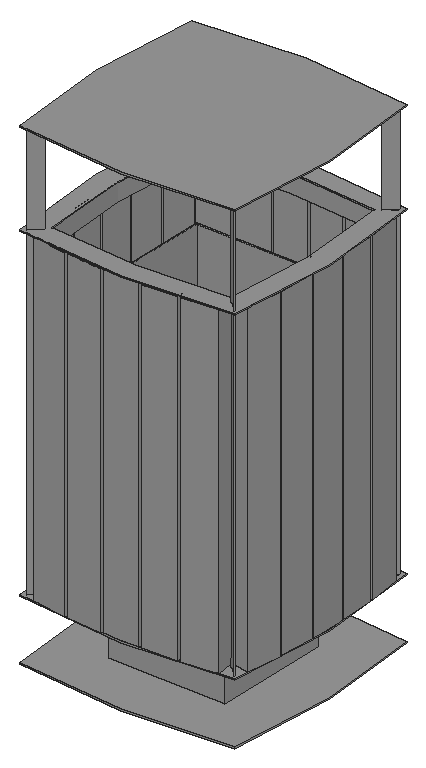
Revit family "Урна парковая «Краков квадратная» Арт 12316", category Антураж, Revit 2018
Family settings
  На основе рабочей плоскости = Нет
  Всегда вертикально = Да
  При загрузке вырезать с полостями = Нет
  Источник визуального образа = Геометрия семейства
  Общий = Нет
  Точка расчета площади = Нет
Parameters (values of type "Урна парковая «Краков квадратная»")
  Ширина = 400 mm  # constant formula
  Цвет урны = Сталь
  Цвет отделки = Дерево
  Описание = "Урна парковая «Краков квадратная»"  # constant formula
  Материал изделия = "Сталь, дерево"  # constant formula
  Изображение типоразмера = Урна парковая «Краков квадратная» Арт 12316.jpg
  Изготовитель = "ООО «Хоббика»"  # constant formula
  Длина = 400 mm  # constant formula
  Группа модели = "Уличные урны"  # constant formula
  Высота = 830 mm  # constant formula
  Артикул товара = "Арт. 12316"  # constant formula
  URL = "https://hobbyka.ru/product/urna_parkovaya_krakov_kvadratnaya/"
Reference planes
  plane 1 "По центру (Вперед/Назад)": y = 0
  plane 2: z = 0
  plane 3 "По центру (Влево/Вправо)": x = 0
  plane 4: x = 400
  plane 5: y = 400
  plane 6: z = 830
Forms (mm)
  Extrusion 1, solid, material "Сталь" <- "Цвет урны"
    sketch origin (0, 0, 0) x (1, 0, 0) y (0, 1, 0)
      loop
        arc (385, 15) -> (400, 200) -> (385, 385) r 1148.333
        arc (385, 385) -> (200, 400) -> (15, 385) r 1148.333
        arc (15, 385) -> (0, 200) -> (15, 15) r 1148.333
        arc (15, 15) -> (200, 0) -> (385, 15) r 1148.333
    from 0 to 2
  Extrusion 2, solid, material "Сталь" <- "Цвет урны"
    sketch origin (0, 0, 0) x (1, 0, 0) y (0, 1, 0)
      loop
        arc (385, 15) -> (400, 200) -> (385, 385) r 1148.333
        arc (385, 385) -> (200, 400) -> (15, 385) r 1148.333
        arc (15, 385) -> (0, 200) -> (15, 15) r 1148.333
        arc (15, 15) -> (200, 0) -> (385, 15) r 1148.333
    from 105 to 107
  Extrusion 3, solid, material "Сталь" <- "Цвет урны"
    sketch origin (0, 0, 0) x (1, 0, 0) y (0, 1, 0)
      loop
        arc (385, 15) -> (400, 200) -> (385, 385) r 1148.333
        arc (385, 385) -> (200, 400) -> (15, 385) r 1148.333
        arc (15, 385) -> (0, 200) -> (15, 15) r 1148.333
        arc (15, 15) -> (200, 0) -> (385, 15) r 1148.333
      loop
        arc (45.739, 354.261) -> (35, 200) -> (45.739, 45.739) r 1113.333
        arc (45.739, 45.739) -> (200, 35) -> (354.261, 45.739) r 1113.333
        arc (354.261, 45.739) -> (365, 200) -> (354.261, 354.261) r 1113.333
        arc (354.261, 354.261) -> (200, 365) -> (45.739, 354.261) r 1113.333
    from 668 to 670
  Extrusion 4, solid, material "Сталь" <- "Цвет урны"
    sketch origin (0, 0, 0) x (1, 0, 0) y (0, 1, 0)
      loop
        arc (15, 385) -> (0, 200) -> (15, 15) r 1148.333
        arc (15, 15) -> (200, 0) -> (385, 15) r 1148.333
        arc (385, 15) -> (400, 200) -> (385, 385) r 1148.333
        arc (385, 385) -> (200, 400) -> (15, 385) r 1148.333
    from 828 to 830
  Extrusion 5, solid, material "Сталь" <- "Цвет урны"
    sketch origin (0, 0, 0) x (1, 0, 0) y (0, 1, 0)
      loop
        line (100, 300) -> (100, 100) -> (300, 100) -> (300, 300) -> (100, 300)
    from 2 to 105
  Extrusion 6, solid, material "Сталь" <- "Цвет урны"
    sketch origin (0, 0, 0) x (1, 0, 0) y (0, 1, 0)
      loop
        line (20.823, 22.238) -> (22.238, 20.823) -> (39.915, 38.501) -> (38.501, 39.915) -> (20.823, 22.238)
      loop
        line (20.823, 377.762) -> (38.501, 360.085) -> (39.915, 361.499) -> (22.238, 379.177) -> (20.823, 377.762)
      loop
        line (379.177, 22.238) -> (361.499, 39.915) -> (360.085, 38.501) -> (377.762, 20.823) -> (379.177, 22.238)
      loop
        line (379.177, 377.762) -> (377.762, 379.177) -> (360.085, 361.499) -> (361.499, 360.085) -> (379.177, 377.762)
    from 107 to 828
  Extrusion 7, solid, material "Сталь" <- "Цвет урны"
    sketch origin (0, 0, 0) x (1, 0, 0) y (0, 1, 0)
      loop
        arc (45.739, 354.261) -> (35, 200) -> (45.739, 45.739) r 1113.333
        arc (45.739, 45.739) -> (200, 35) -> (354.261, 45.739) r 1113.333
        arc (354.261, 45.739) -> (365, 200) -> (354.261, 354.261) r 1113.333
        arc (354.261, 354.261) -> (200, 365) -> (45.739, 354.261) r 1113.333
      loop
        arc (44.853, 355.147) -> (34, 200) -> (44.853, 44.853) r 1114.333
        arc (44.853, 44.853) -> (200, 34) -> (355.147, 44.853) r 1114.333
        arc (355.147, 44.853) -> (366, 200) -> (355.147, 355.147) r 1114.333
        arc (355.147, 355.147) -> (200, 366) -> (44.853, 355.147) r 1114.333
    from 638 to 668
  Extrusion 8, solid, material "Сталь" <- "Цвет урны"
    sketch origin (0, 0, 0) x (1, 0, 0) y (0, 1, 0)
      loop
        line (55.739, 344.261) -> (55.739, 55.739) -> (344.261, 55.739) -> (344.261, 344.261) -> (55.739, 344.261)
    from 107 to 550
  Extrusion 9, void
    sketch origin (0, 0, 0) x (1, 0, 0) y (0, 1, 0)
      loop
        line (343.261, 343.261) -> (56.739, 343.261) -> (56.739, 56.739) -> (343.261, 56.739) -> (343.261, 343.261)
    from 108 to 550
  Extrusion 10, solid, material "Дерево" <- "Цвет отделки"
    sketch origin (0, 0, 0) x (1, 0, 0) y (0, 1, 0)
      loop
        arc (359.472, 386.876) -> (329.498, 390.692) -> (299.434, 393.716) r 1146.355
        line (299.434, 393.716) -> (296.391, 363.849)
        arc (296.391, 363.849) -> (325.907, 360.89) -> (355.334, 357.148) r 1116.345
        line (355.334, 357.148) -> (359.472, 386.876)
      loop
        arc (229.944, 397.6) -> (200, 397.986) -> (170.056, 397.59) r 1146.332
        line (170.056, 397.59) -> (170.84, 367.597)
        arc (170.84, 367.597) -> (200, 367.982) -> (229.16, 367.605) r 1116.328
        line (229.16, 367.605) -> (229.944, 397.6)
      loop
        arc (294.729, 394.113) -> (264.853, 396.177) -> (234.933, 397.461) r 1146.36
        line (234.933, 397.461) -> (234.019, 367.469)
        arc (234.019, 367.469) -> (263.155, 366.214) -> (292.249, 364.198) r 1116.348
        line (292.249, 364.198) -> (294.729, 394.113)
      loop
        arc (99.903, 393.599) -> (70.111, 390.594) -> (40.407, 386.813) r 1146.322
        line (40.407, 386.813) -> (44.582, 357.104)
        arc (44.582, 357.104) -> (73.509, 360.786) -> (102.523, 363.712) r 1116.321
        line (102.523, 363.712) -> (99.903, 393.599)
      loop
        line (105.275, 394.057) -> (107.755, 364.158)
        arc (107.755, 364.158) -> (136.846, 366.189) -> (165.981, 367.459) r 1116.323
        line (165.981, 367.459) -> (165.067, 397.448)
        arc (165.067, 397.448) -> (135.149, 396.143) -> (105.275, 394.057) r 1146.324
      loop
        line (359.472, 13.124) -> (355.334, 42.852)
        arc (355.334, 42.852) -> (325.907, 39.11) -> (296.391, 36.151) r 1116.345
        line (296.391, 36.151) -> (299.434, 6.284)
        arc (299.434, 6.284) -> (329.498, 9.308) -> (359.472, 13.124) r 1146.355
      loop
        line (229.944, 2.4) -> (229.16, 32.395)
        arc (229.16, 32.395) -> (200, 32.018) -> (170.84, 32.403) r 1116.328
        line (170.84, 32.403) -> (170.056, 2.41)
        arc (170.056, 2.41) -> (200, 2.014) -> (229.944, 2.4) r 1146.332
      loop
        line (294.729, 5.887) -> (292.249, 35.802)
        arc (292.249, 35.802) -> (263.155, 33.786) -> (234.019, 32.531) r 1116.348
        line (234.019, 32.531) -> (234.933, 2.539)
        arc (234.933, 2.539) -> (264.853, 3.823) -> (294.729, 5.887) r 1146.36
      loop
        line (99.903, 6.401) -> (102.523, 36.288)
        arc (102.523, 36.288) -> (73.509, 39.214) -> (44.582, 42.896) r 1116.321
        line (44.582, 42.896) -> (40.407, 13.187)
        arc (40.407, 13.187) -> (70.111, 9.406) -> (99.903, 6.401) r 1146.322
      loop
        arc (105.275, 5.943) -> (135.149, 3.857) -> (165.067, 2.552) r 1146.324
        line (165.067, 2.552) -> (165.981, 32.541)
        arc (165.981, 32.541) -> (136.846, 33.811) -> (107.755, 35.842) r 1116.323
        line (107.755, 35.842) -> (105.275, 5.943)
      loop
        arc (386.876, 40.528) -> (390.692, 70.502) -> (393.716, 100.566) r 1146.355
        line (393.716, 100.566) -> (363.849, 103.609)
        arc (363.849, 103.609) -> (360.89, 74.093) -> (357.148, 44.666) r 1116.345
        line (357.148, 44.666) -> (386.876, 40.528)
      loop
        arc (397.6, 170.056) -> (397.986, 200) -> (397.59, 229.944) r 1146.332
        line (397.59, 229.944) -> (367.597, 229.16)
        arc (367.597, 229.16) -> (367.982, 200) -> (367.605, 170.84) r 1116.328
        line (367.605, 170.84) -> (397.6, 170.056)
      loop
        arc (394.113, 105.271) -> (396.177, 135.147) -> (397.461, 165.067) r 1146.36
        line (397.461, 165.067) -> (367.469, 165.981)
        arc (367.469, 165.981) -> (366.214, 136.845) -> (364.198, 107.751) r 1116.348
        line (364.198, 107.751) -> (394.113, 105.271)
      loop
        arc (393.599, 300.097) -> (390.594, 329.889) -> (386.813, 359.593) r 1146.322
        line (386.813, 359.593) -> (357.104, 355.418)
        arc (357.104, 355.418) -> (360.786, 326.491) -> (363.712, 297.477) r 1116.321
        line (363.712, 297.477) -> (393.599, 300.097)
      loop
        line (394.057, 294.725) -> (364.158, 292.245)
        arc (364.158, 292.245) -> (366.189, 263.154) -> (367.459, 234.019) r 1116.323
        line (367.459, 234.019) -> (397.448, 234.933)
        arc (397.448, 234.933) -> (396.143, 264.851) -> (394.057, 294.725) r 1146.324
      loop
        line (13.124, 40.528) -> (42.852, 44.666)
        arc (42.852, 44.666) -> (39.11, 74.093) -> (36.151, 103.609) r 1116.345
        line (36.151, 103.609) -> (6.284, 100.566)
        arc (6.284, 100.566) -> (9.308, 70.502) -> (13.124, 40.528) r 1146.355
      loop
        line (2.4, 170.056) -> (32.395, 170.84)
        arc (32.395, 170.84) -> (32.018, 200) -> (32.403, 229.16) r 1116.328
        line (32.403, 229.16) -> (2.41, 229.944)
        arc (2.41, 229.944) -> (2.014, 200) -> (2.4, 170.056) r 1146.332
      loop
        line (5.887, 105.271) -> (35.802, 107.751)
        arc (35.802, 107.751) -> (33.786, 136.845) -> (32.531, 165.981) r 1116.348
        line (32.531, 165.981) -> (2.539, 165.067)
        arc (2.539, 165.067) -> (3.823, 135.147) -> (5.887, 105.271) r 1146.36
      loop
        line (6.401, 300.097) -> (36.288, 297.477)
        arc (36.288, 297.477) -> (39.214, 326.491) -> (42.896, 355.418) r 1116.321
        line (42.896, 355.418) -> (13.187, 359.593)
        arc (13.187, 359.593) -> (9.406, 329.889) -> (6.401, 300.097) r 1146.322
      loop
        arc (5.943, 294.725) -> (3.857, 264.851) -> (2.552, 234.933) r 1146.324
        line (2.552, 234.933) -> (32.541, 234.019)
        arc (32.541, 234.019) -> (33.811, 263.154) -> (35.842, 292.245) r 1116.323
        line (35.842, 292.245) -> (5.943, 294.725)
    from 107 to 668
Cuts and joins
  Extrusion 9 cuts Extrusion 1
  Extrusion 9 cuts Extrusion 2
  Extrusion 9 cuts Extrusion 3
  Extrusion 9 cuts Extrusion 5
  Extrusion 9 cuts Extrusion 6
  Extrusion 9 cuts Extrusion 7
  joined: Extrusion 1, Extrusion 2, Extrusion 3, Extrusion 5, Extrusion 6, Extrusion 7
  Extrusion 9 cuts Extrusion 8
Dimensions and locks
  "Длина": plane 4 to plane 3 "По центру (Влево/Вправо)"
  "Ширина": plane 5 to plane 1 "По центру (Вперед/Назад)"
  "Высота": plane 6 to plane 2
  aligned and locked: level to plane 2
Automatic sketch dimensions
  plane 3 "По центру (Влево/Вправо)" to Extrusion 5 sketch curve = 100 mm
  Extrusion 5 sketch curve to plane 4 = 100 mm
  Extrusion 5 sketch curve to plane 5 = 300 mm
  Extrusion 5 sketch curve to Extrusion 5 sketch curve = 200 mm
  Extrusion 4 sketch curve to plane 1 "По центру (Вперед/Назад)" = 200 mm  (x2)
  Extrusion 4 sketch curve to plane 3 "По центру (Влево/Вправо)" = 748.333 mm
  plane 3 "По центру (Влево/Вправо)" to Extrusion 4 sketch curve = 200 mm
  plane 4 to Extrusion 4 sketch curve = 748.333 mm
  plane 1 "По центру (Вперед/Назад)" to Extrusion 4 sketch curve = 748.333 mm
  plane 5 to Extrusion 4 sketch curve = 748.333 mm
  plane 3 "По центру (Влево/Вправо)" to Extrusion 4 sketch curve = 15 mm  (x2)
  Extrusion 4 sketch curve to plane 4 = 15 mm  (x2)
  Extrusion 4 sketch curve to plane 1 "По центру (Вперед/Назад)" = 15 mm
  Extrusion 3 sketch curve to plane 3 "По центру (Влево/Вправо)" = 748.333 mm
  Extrusion 3 sketch curve to plane 1 "По центру (Вперед/Назад)" = 200 mm
  plane 4 to Extrusion 3 sketch curve = 748.333 mm
  plane 1 "По центру (Вперед/Назад)" to Extrusion 3 sketch curve = 748.333 mm
  plane 5 to Extrusion 3 sketch curve = 748.333 mm
  plane 3 "По центру (Влево/Вправо)" to Extrusion 3 sketch curve = 15 mm  (x2)
  Extrusion 3 sketch curve to plane 4 = 15 mm
  Extrusion 3 sketch curve to plane 1 "По центру (Вперед/Назад)" = 15 mm
  Extrusion 2 sketch curve to plane 1 "По центру (Вперед/Назад)" = 200 mm  (x2)
  Extrusion 2 sketch curve to plane 3 "По центру (Влево/Вправо)" = 748.333 mm
  plane 3 "По центру (Влево/Вправо)" to Extrusion 2 sketch curve = 200 mm  (x2)
  plane 4 to Extrusion 2 sketch curve = 748.333 mm
  plane 1 "По центру (Вперед/Назад)" to Extrusion 2 sketch curve = 748.333 mm
  plane 5 to Extrusion 2 sketch curve = 748.333 mm
  plane 3 "По центру (Влево/Вправо)" to Extrusion 2 sketch curve = 15 mm  (x2)
  Extrusion 2 sketch curve to plane 4 = 15 mm
  Extrusion 2 sketch curve to plane 1 "По центру (Вперед/Назад)" = 15 mm
  Extrusion 1 sketch curve to plane 1 "По центру (Вперед/Назад)" = 200 mm  (x2)
  Extrusion 1 sketch curve to plane 3 "По центру (Влево/Вправо)" = 748.333 mm
  plane 3 "По центру (Влево/Вправо)" to Extrusion 1 sketch curve = 200 mm  (x2)
  plane 4 to Extrusion 1 sketch curve = 748.333 mm
  plane 1 "По центру (Вперед/Назад)" to Extrusion 1 sketch curve = 748.333 mm
  plane 5 to Extrusion 1 sketch curve = 748.333 mm
  plane 3 "По центру (Влево/Вправо)" to Extrusion 1 sketch curve = 15 mm  (x2)
  Extrusion 1 sketch curve to plane 4 = 15 mm
  Extrusion 1 sketch curve to plane 1 "По центру (Вперед/Назад)" = 15 mm
  Extrusion 3 sketch curve to Extrusion 3 sketch curve = 0 mm  (x8)
  Extrusion 3 sketch curve to Extrusion 3 sketch curve = 30.739 mm  (x7)
  plane 3 "По центру (Влево/Вправо)" to Extrusion 6 sketch curve = 20.823 mm  (x2)
  Extrusion 6 sketch curve to Extrusion 6 sketch curve = 1.414 mm  (x8)
  Extrusion 6 sketch curve to Extrusion 6 sketch curve = 17.678 mm  (x2)
  Extrusion 6 sketch curve to plane 4 = 39.915 mm  (x2)
  Extrusion 6 sketch curve to plane 4 = 22.238 mm  (x2)
  Extrusion 6 sketch curve to plane 1 "По центру (Вперед/Назад)" = 20.823 mm  (x2)
  Extrusion 6 sketch curve to plane 5 = 39.915 mm  (x2)
  Extrusion 7 sketch curve to plane 3 "По центру (Влево/Вправо)" = 748.333 mm
  Extrusion 7 sketch curve to plane 1 "По центру (Вперед/Назад)" = 200 mm
  plane 4 to Extrusion 7 sketch curve = 748.333 mm
  plane 1 "По центру (Вперед/Назад)" to Extrusion 7 sketch curve = 748.333 mm
  plane 5 to Extrusion 7 sketch curve = 748.333 mm
  plane 3 "По центру (Влево/Вправо)" to Extrusion 7 sketch curve = 45.739 mm  (x2)
  Extrusion 7 sketch curve to plane 4 = 45.739 mm
  Extrusion 7 sketch curve to plane 1 "По центру (Вперед/Назад)" = 45.739 mm
  Extrusion 7 sketch curve to Extrusion 7 sketch curve = 0 mm  (x8)
  Extrusion 7 sketch curve to Extrusion 7 sketch curve = 0.886 mm  (x7)
  plane 3 "По центру (Влево/Вправо)" to Extrusion 8 sketch curve = 55.739 mm
  Extrusion 8 sketch curve to plane 4 = 55.739 mm
  Extrusion 8 sketch curve to plane 1 "По центру (Вперед/Назад)" = 55.739 mm
  Extrusion 8 sketch curve to plane 5 = 55.739 mm
  plane 3 "По центру (Влево/Вправо)" to Extrusion 9 sketch curve = 56.739 mm
  Extrusion 9 sketch curve to plane 4 = 56.739 mm
  Extrusion 9 sketch curve to plane 1 "По центру (Вперед/Назад)" = 56.739 mm
  Extrusion 9 sketch curve to plane 5 = 56.739 mm
  Extrusion 10 sketch curve to plane 1 "По центру (Вперед/Назад)" = 199.224 mm
  Extrusion 10 sketch curve to plane 3 "По центру (Влево/Вправо)" = 748.39 mm
  Extrusion 10 sketch curve to Extrusion 10 sketch curve = 0.013 mm  (x2)
  Extrusion 10 sketch curve to Extrusion 10 sketch curve = 0.031 mm  (x3)
  Extrusion 10 sketch curve to Extrusion 10 sketch curve = 0 mm  (x2)
  Extrusion 10 sketch curve to Extrusion 10 sketch curve = 0.001 mm  (x8)
  Extrusion 10 sketch curve to Extrusion 10 sketch curve = 0.034 mm
  Extrusion 10 sketch curve to Extrusion 10 sketch curve = 0.016 mm  (x2)
  plane 3 "По центру (Влево/Вправо)" to Extrusion 10 sketch curve = 2.4 mm
  plane 3 "По центру (Влево/Вправо)" to Extrusion 10 sketch curve = 2.41 mm
  plane 3 "По центру (Влево/Вправо)" to Extrusion 10 sketch curve = 2.539 mm
  plane 3 "По центру (Влево/Вправо)" to Extrusion 10 sketch curve = 2.552 mm
  plane 3 "По центру (Влево/Вправо)" to Extrusion 10 sketch curve = 5.887 mm
  plane 3 "По центру (Влево/Вправо)" to Extrusion 10 sketch curve = 5.943 mm
  Extrusion 10 sketch curve to Extrusion 10 sketch curve = 0.397 mm  (x2)
  Extrusion 10 sketch curve to Extrusion 10 sketch curve = 0.458 mm  (x2)
  plane 3 "По центру (Влево/Вправо)" to Extrusion 10 sketch curve = 13.124 mm
  plane 3 "По центру (Влево/Вправо)" to Extrusion 10 sketch curve = 13.187 mm
  Extrusion 10 sketch curve to Extrusion 10 sketch curve = 29.995 mm
  Extrusion 10 sketch curve to Extrusion 10 sketch curve = 29.992 mm
  Extrusion 10 sketch curve to Extrusion 10 sketch curve = 0.136 mm  (x2)
  Extrusion 10 sketch curve to Extrusion 10 sketch curve = 0.138 mm  (x2)
  Extrusion 10 sketch curve to Extrusion 10 sketch curve = 29.915 mm
  Extrusion 10 sketch curve to Extrusion 10 sketch curve = 29.899 mm
  Extrusion 10 sketch curve to Extrusion 10 sketch curve = 0.349 mm  (x2)
  Extrusion 10 sketch curve to Extrusion 10 sketch curve = 0.446 mm  (x2)
  Extrusion 10 sketch curve to plane 5 = 13.187 mm
  Extrusion 10 sketch curve to Extrusion 10 sketch curve = 27.22 mm
  Extrusion 10 sketch curve to plane 1 "По центру (Вперед/Назад)" = 13.187 mm
  Extrusion 10 sketch curve to Extrusion 10 sketch curve = 27.283 mm
  Extrusion 10 sketch curve to Extrusion 10 sketch curve = 29.728 mm
  Extrusion 10 sketch curve to Extrusion 10 sketch curve = 29.709 mm  (x2)
  Extrusion 10 sketch curve to Extrusion 10 sketch curve = 1.73 mm
  Extrusion 10 sketch curve to Extrusion 10 sketch curve = 1.686 mm
  Extrusion 10 sketch curve to plane 5 = 6.401 mm
  Extrusion 10 sketch curve to Extrusion 10 sketch curve = 59.496 mm  (x2)
  Extrusion 10 sketch curve to plane 1 "По центру (Вперед/Назад)" = 6.401 mm
  Extrusion 10 sketch curve to plane 5 = 36.288 mm
  Extrusion 10 sketch curve to Extrusion 10 sketch curve = 2.62 mm  (x2)
  Extrusion 10 sketch curve to plane 1 "По центру (Вперед/Назад)" = 36.288 mm
  Extrusion 10 sketch curve to plane 1 "По центру (Вперед/Назад)" = 5.943 mm
  Extrusion 10 sketch curve to Extrusion 10 sketch curve = 5.373 mm  (x4)
  Extrusion 10 sketch curve to plane 5 = 5.943 mm
  Extrusion 10 sketch curve to plane 5 = 35.842 mm
  Extrusion 10 sketch curve to Extrusion 10 sketch curve = 5.232 mm  (x4)
  Extrusion 10 sketch curve to plane 1 "По центру (Вперед/Назад)" = 35.842 mm
  Extrusion 10 sketch curve to plane 5 = 2.552 mm
  Extrusion 10 sketch curve to Extrusion 10 sketch curve = 59.792 mm  (x2)
  Extrusion 10 sketch curve to plane 1 "По центру (Вперед/Назад)" = 2.552 mm
  Extrusion 10 sketch curve to plane 5 = 32.541 mm
  Extrusion 10 sketch curve to Extrusion 10 sketch curve = 0.914 mm  (x4)
  Extrusion 10 sketch curve to plane 1 "По центру (Вперед/Назад)" = 32.541 mm
  Extrusion 10 sketch curve to plane 1 "По центру (Вперед/Назад)" = 2.41 mm
  Extrusion 10 sketch curve to Extrusion 10 sketch curve = 4.989 mm  (x8)
  Extrusion 10 sketch curve to plane 5 = 2.41 mm
  Extrusion 10 sketch curve to plane 1 "По центру (Вперед/Назад)" = 32.403 mm
  Extrusion 10 sketch curve to Extrusion 10 sketch curve = 4.859 mm  (x8)
  Extrusion 10 sketch curve to plane 5 = 32.403 mm
  plane 3 "По центру (Влево/Вправо)" to Extrusion 10 sketch curve = 199.734 mm  (x2)
  Extrusion 10 sketch curve to Extrusion 10 sketch curve = 0.081 mm  (x2)
  Extrusion 10 sketch curve to Extrusion 10 sketch curve = 0.195 mm  (x2)
  Extrusion 10 sketch curve to Extrusion 10 sketch curve = 0.004 mm  (x4)
  Extrusion 10 sketch curve to Extrusion 10 sketch curve = 0.024 mm  (x4)
  Extrusion 10 sketch curve to Extrusion 10 sketch curve = 0.015 mm  (x4)
  Extrusion 10 sketch curve to Extrusion 10 sketch curve = 0.091 mm  (x4)
  Extrusion 10 sketch curve to Extrusion 10 sketch curve = 0.06 mm  (x4)
  Extrusion 10 sketch curve to Extrusion 10 sketch curve = 0.337 mm  (x4)
  Extrusion 10 sketch curve to Extrusion 10 sketch curve = 0.235 mm  (x2)
  Extrusion 10 sketch curve to plane 5 = 32.395 mm
  Extrusion 10 sketch curve to Extrusion 10 sketch curve = 58.32 mm  (x2)
  Extrusion 10 sketch curve to plane 1 "По центру (Вперед/Назад)" = 32.395 mm
  Extrusion 10 sketch curve to plane 5 = 2.4 mm
  Extrusion 10 sketch curve to Extrusion 10 sketch curve = 0.784 mm  (x2)
  Extrusion 10 sketch curve to plane 1 "По центру (Вперед/Назад)" = 2.4 mm
  Extrusion 10 sketch curve to plane 1 "По центру (Вперед/Назад)" = 32.531 mm
  Extrusion 10 sketch curve to plane 5 = 32.531 mm
  Extrusion 10 sketch curve to plane 5 = 2.539 mm
  Extrusion 10 sketch curve to plane 1 "По центру (Вперед/Назад)" = 2.539 mm
  Extrusion 10 sketch curve to plane 5 = 35.802 mm
  Extrusion 10 sketch curve to Extrusion 10 sketch curve = 58.23 mm  (x2)
  Extrusion 10 sketch curve to plane 1 "По центру (Вперед/Назад)" = 35.802 mm
  Extrusion 10 sketch curve to plane 1 "По центру (Вперед/Назад)" = 5.887 mm
  Extrusion 10 sketch curve to Extrusion 10 sketch curve = 2.481 mm  (x2)
  Extrusion 10 sketch curve to plane 5 = 5.887 mm
  Extrusion 10 sketch curve to plane 1 "По центру (Вперед/Назад)" = 36.151 mm
  Extrusion 10 sketch curve to Extrusion 10 sketch curve = 4.142 mm  (x4)
  Extrusion 10 sketch curve to plane 5 = 36.151 mm
  Extrusion 10 sketch curve to plane 1 "По центру (Вперед/Назад)" = 6.284 mm
  Extrusion 10 sketch curve to Extrusion 10 sketch curve = 4.705 mm  (x4)
  Extrusion 10 sketch curve to plane 5 = 6.284 mm
  Extrusion 10 sketch curve to plane 5 = 42.852 mm
  Extrusion 10 sketch curve to Extrusion 10 sketch curve = 58.943 mm  (x2)
  Extrusion 10 sketch curve to plane 1 "По центру (Вперед/Назад)" = 42.852 mm
  Extrusion 10 sketch curve to Extrusion 10 sketch curve = 1.77 mm  (x2)
  Extrusion 10 sketch curve to Extrusion 10 sketch curve = 1.814 mm  (x2)
  Extrusion 10 sketch curve to plane 1 "По центру (Вперед/Назад)" = 13.124 mm
  Extrusion 10 sketch curve to Extrusion 10 sketch curve = 4.138 mm  (x2)
  Extrusion 10 sketch curve to plane 5 = 13.124 mm
  Extrusion 10 sketch curve to plane 4 = 36.288 mm
  Extrusion 10 sketch curve to plane 4 = 36.151 mm
  Extrusion 10 sketch curve to plane 4 = 32.541 mm
  Extrusion 10 sketch curve to plane 4 = 32.531 mm
  Extrusion 10 sketch curve to plane 4 = 13.187 mm
  Extrusion 10 sketch curve to plane 4 = 13.124 mm
  Extrusion 10 sketch curve to plane 4 = 6.401 mm
  Extrusion 10 sketch curve to plane 4 = 6.284 mm
  Extrusion 10 sketch curve to plane 4 = 2.552 mm
  Extrusion 10 sketch curve to plane 4 = 2.539 mm
  Extrusion 10 sketch curve to plane 4 = 2.41 mm
  Extrusion 10 sketch curve to plane 4 = 2.4 mm
  Extrusion 10 sketch curve to plane 5 = 199.734 mm
  plane 4 to Extrusion 10 sketch curve = 748.295 mm
  Extrusion 10 sketch curve to Extrusion 10 sketch curve = 0.003 mm
  Extrusion 10 sketch curve to Extrusion 10 sketch curve = 2.324 mm
  Extrusion 10 sketch curve to Extrusion 10 sketch curve = 27.341 mm
  Extrusion 10 sketch curve to Extrusion 10 sketch curve = 60.038 mm
  Extrusion 10 sketch curve to Extrusion 10 sketch curve = 3.043 mm  (x2)
  Extrusion 10 sketch curve to Extrusion 10 sketch curve = 59.796 mm
